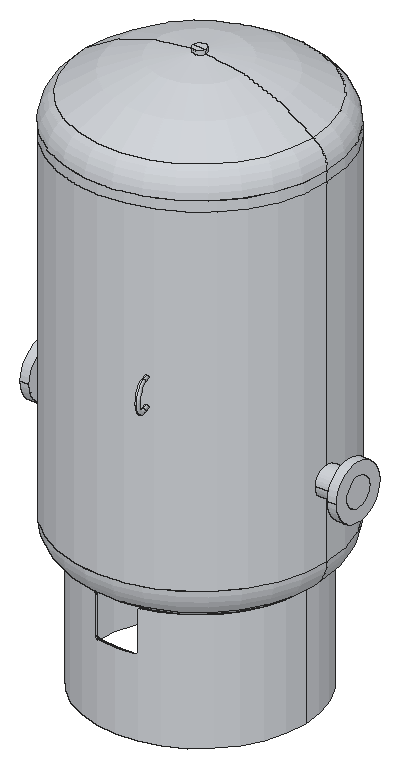
Revit family "CWBT300-3-125", category Mechanical Equipment, Revit 2014
Parameters (values of type "CWBT300-3-125")
  Tank Weight = "753 lbs."
  Tank Volume = "300 Gal"
  Tank Height = "80 3/8\""
  Tank Diameter = "36\""
  Note = "All dimensions and weights are approximate"
  Maximum Acceptance Volume = "N/A"
  Max Operating Temp = "450° F"
  Max Operating Pressure = "125 psi"
  Connector Size = "3\""
Reference planes (in)
  plane 1 "Center (Front/Back)": y = 0
  plane 2: z = 0
  plane 3 "Center (Left/Right)": x = 0
Forms (in)
  Extrusion 1, solid
    sketch origin (0, 0, 0) x (0, 1, 0) y (0, 0, 1)
      loop
        circle (0, 32.125) r 2.013
    from 0 to 22.5
  Extrusion 2, solid
    sketch origin (0, 0, 0) x (0, 1, 0) y (0, 0, 1)
      loop
        circle (0, 32.125) r 2.013
    from 0 to -22.5
  Extrusion 3, solid
    sketch origin (0, 0, 0) x (1, 0, 0) y (0, 1, 0)
      loop
        circle (0, 0) r 15
      loop
        circle (0, 0) r 14.8125
    from 0 to 17
  Extrusion 4, void
    sketch origin (0, 0, 0) x (1, 0, 0) y (0, 0, 1)
      loop
        arc (-3.4137, 17) -> (-3.12117, 16.87883) -> (-3, 16.5863) r 0.4137
        line (-3, 16.5863) -> (-3, 11.4137)
        arc (-3, 11.4137) -> (-2.87883, 11.12117) -> (-2.5863, 11) r 0.4137
        line (-2.5863, 11) -> (2.5863, 11)
        arc (2.5863, 11) -> (2.87883, 11.12117) -> (3, 11.4137) r 0.4137
        line (3, 11.4137) -> (3, 16.5863)
        arc (3, 16.5863) -> (3.12117, 16.87883) -> (3.4137, 17) r 0.4137
        line (3.4137, 17) -> (-3.4137, 17)
    from 0 to 22
  Extrusion 5, void
    sketch origin (0, 0, 0) x (1, 0, 0) y (0, 0, 1)
      loop
        line (-6, 17) -> (-6, 2.4137)
        arc (-6, 2.4137) -> (-5.87883, 2.12117) -> (-5.5863, 2) r 0.4137
        line (-5.5863, 2) -> (5.5863, 2)
        arc (5.5863, 2) -> (5.87883, 2.12117) -> (6, 2.4137) r 0.4137
        line (6, 2.4137) -> (6, 17) -> (-6, 17)
    from 0 to -22
  Revolve 6, solid
    sketch origin (0, 0, 0) x (1, 0, 0) y (0, 0, 1)
      loop
        line (0, 80.88747) -> (0, 12.12508) -> (0.86995, 12.12508) -> (0.86995, 12.65854)
        arc (0.86995, 12.65854) -> (8.06101, 14.12343) -> (14.8125, 17) r 36.42607
        arc (14.8125, 17) -> (15.50353, 17.46465) -> (16.17999, 17.95027) r 27.14946
        arc (16.17999, 17.95027) -> (17.56016, 19.61914) -> (18.082, 21.72098) r 4.87859
        line (18.082, 21.72098) -> (18.082, 70.01255) -> (18.082, 71.42911)
        arc (18.082, 71.42911) -> (17.55638, 73.46039) -> (16.17999, 75.04403) r 4.57937
        arc (16.17999, 75.04403) -> (8.93532, 78.87388) -> (0.87927, 80.37483) r 27.22942
        line (0.87927, 80.37483) -> (0.87927, 80.88747) -> (0, 80.88747)
      axis (0, 80.88747) -> (0, 12.12508)
    angle from 0 to 360
  Sweep 7, solid
    path origin (0.28232, -0.14569, 0.00841) x (0.321915, -0.946769, 0) y (0, 0, 1)
      loop
        line (17.83546, 48.42089) -> (18.83546, 48.42089)
        arc (18.83546, 48.42089) -> (20.71046, 46.54589) -> (18.83546, 44.67089) r 1.875
        line (18.83546, 44.67089) -> (17.83546, 44.67089)
    profile origin (6.18478, -17.50513, 48.4293) x (0, 0, 1) y (-0.946769, -0.321915, 0)
      loop
        circle (0, 0) r 0.25
  Extrusion 8, solid
    sketch origin (0, 0, 0) x (0, 1, 0) y (0, 0, 1)
      loop
        circle (0, 32.125) r 3.8125
    from 21.1875 to 22.5
  Extrusion 9, solid
    sketch origin (0, 0, 0) x (0, 1, 0) y (0, 0, 1)
      loop
        circle (0, 32.125) r 3.8125
    from -21.1875 to -22.5
Cuts and joins
  Extrusion 4, Extrusion 5 cuts Extrusion 3
Dimensions and locks (in)
  aligned and locked: level to plane 2
